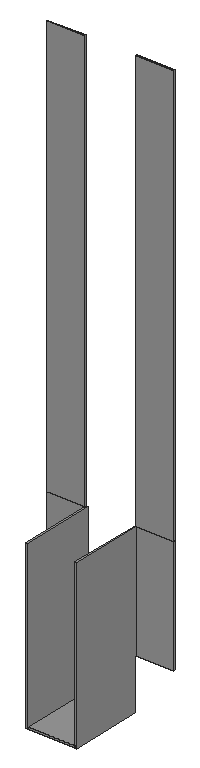
Revit family "C_AG713_3D_CAD_MULT_Prod", category Structural Connections, Revit 2015
Parameters
  H of Straps [instance] = if(1 > 0, Ctrl_H - H_Seat, 0 mm)  # 335 mm
  Warning [instance] = if(or(Joist Width < 38 mm, Joist Width > 100 mm), "W is out of the range from 38 mm to 100 mm", if(not(Bend the Straps), "Unbend Mode On", if(or(Joist Height & Offset < H_Seat, not(H of Straps > 0 mm)), "H is lower than the limit", if(Joist Height & Offset > (970 mm - Ctrl_W) / 2, "H is higher than the limit", if(Header Depth < 20 mm, "D is lower than the limit", if(Header Depth > (970 mm - Ctrl_W) / 2 - H_Seat, "D is higher than the limit", "No warnings suggested"))))))  # "Unbend Mode On"
  W/2 [instance] = Ctrl_W / 2  # 19 mm
  Joist Width [instance] = 38 mm
  UniClass Title = "Joist hangers "  # constant formula
  UniClass Number = "Pr_20_29_31_44"  # constant formula
  URL = "www.strongtie.eu"
  Technical datasheet = "https://www.strongtie.eu/eu-EU/technical-data-sheets"
  Straps-Distance [instance] = Ctrl_W + 3 mm  # 41 mm
  Reference = "AG713"  # constant formula
  Provide Feedback = "mailto:EUdrawings@strongtie.com"
  Product Type = "Joist hanger"  # constant formula
  Product Material = Galvanised
  ObjectType = Model  # "AG713"
  Name = Model  # "AG713"
  Model ID = "0180523011167727987938686006252352135583"  # constant formula
  Model Disclaimer = "Contact Simpson Strong-Tie Company  for more information"  # constant formula
  Model = "AG713"  # constant formula
  Manufacturer = "Simpson Strong-Tie"  # constant formula
  H_Seat [instance] = (300 mm - Ctrl_W) / 2  # 131 mm
  Joist Height & Offset [instance] = 250 mm
  ETA / DoP = "https://www.strongtie.eu/eu-EU/cemarking"
  EPD = "https://www.strongtie.eu/eu-EU/EPD"
  Description = Product Type  # "Joist hanger"
  Density = 0.48 kg  # constant formula
  Default Elevation = 0 mm
  Header Depth [instance] = 30 mm
  Ctrl_W [instance] = if(Joist Width < 38 mm, 38 mm, if(Joist Width > 100 mm, 100 mm, Joist Width))  # 38 mm
  Ctrl_H [instance] = if(not(Bend the Straps), H_Seat + 335 mm, if(Joist Height & Offset < H_Seat, H_Seat, if(Joist Height & Offset > (970 mm - Ctrl_W) / 2, (970 mm - Ctrl_W) / 2, Joist Height & Offset)))  # 466 mm
  Ctrl_D [instance] = if(Header Depth < 20 mm, 20 mm, if(Header Depth > ((970 mm - Ctrl_W) / 2 - H_Seat), ((970 mm - Ctrl_W) / 2 - H_Seat), Header Depth))  # 30 mm
  Copyright = "©Simpson Strong-Tie"  # constant formula
  Bend the Straps [instance] = no
Reference planes
  plane 1 "Center (Front/Back)": y = 0
  plane 2: z = 0
  plane 3 "Center (Left/Right)": x = 0
Forms (mm)
  Extrusion 1, solid, material "Galvanised" <- "Product Material"
    sketch origin (0, 0, 0) x (1, 0, 0) y (0, 0, 1)
      loop
        line (-19, 0) -> (-19, -1.5) -> (19, -1.5) -> (19, 0) -> (-19, 0)
    from 2 to 60
Dimensions and locks
  "W/2": nested 2 to plane 3 "Center (Left/Right)"
  "W/2": plane 3 "Center (Left/Right)" to nested 1
  equal spacing: nested 1, plane 3 "Center (Left/Right)", Extrusion 1 sketch curve
  "Ctrl_W": Extrusion 1 sketch curve to Extrusion 1 sketch curve
  aligned and locked: level to plane 2
  aligned and locked: Extrusion 1 sketch curve to level
Automatic sketch dimensions
  Extrusion 1 sketch curve to level = 1.5 mm
Nested families
  nested 1: "AG713-left" at (19, 0, 0), Product Material <- "Product Material", H_seat <- "H_Seat", type "AG713-left"
    with Product Material Galvanised, H_seat 131 mm
  nested 2: "AG713-right" at (-19, 0, 0), Product Material <- "Product Material", H seat <- "H_Seat", type "AG713-right"
    with Product Material Galvanised, H seat 131 mm
  nested 3: "Couple Straps not down" at (0, 0, 131), W <- "Straps-Distance", W_rafter <- "Header Depth", Heel <- "H of Straps", Material <- "Product Material", built-in parameter 1001364 <- "H_Seat", type "Couple Straps not down"
    with W_rafter 30 mm, W straps 30 mm, W 41 mm, Thickness 1.5 mm, Material Galvanised, Heel 335 mm, Bendable Length 335 mm
Definition of nested family "AG713-left"
  Parameters (values of type "AG713-left")
    UniClass Title = "Bracketed angle supports"  # constant formula
    UniClass Number = "Pr_20_85_09_09"  # constant formula
    URL = "www.strongtie.eu"
    Technical datasheet = "https://www.strongtie.eu/eu-EU/technical-data-sheets"
    Reference = "___"
    Provide Feedback = "mailto:EUdrawings@strongtie.com"
    Product Type = ""
    Product Material [instance] = none
    ObjectType = Model  # ""
    Name = Model  # ""
    Model ID = ""
    Model Disclaimer = "Contact Simpson Strong-Tie Company  for more information"  # constant formula
    Model = ""
    Manufacturer = "Simpson Strong-Tie"  # constant formula
    H_seat [instance] = 123.413 mm
    ETA / DoP = "https://www.strongtie.eu/eu-EU/cemarking"
    EPD = "https://www.strongtie.eu/eu-EU/EPD"
    Description = Product Type  # ""
    Density = 0.00 kg
    Default Elevation = 0 mm
    Copyright = "©Simpson Strong-Tie"  # constant formula
  Reference planes
    plane 1 "Center (Front/Back)": y = 0
    plane 2: z = 0
    plane 3 "Center (Left/Right)": x = 0
  Forms (mm)
    Extrusion 1, solid, material <- "Product Material"
      sketch origin (-82.749, 0, 123.413) x (1, 0, 0) y (0, 0, 1)
        loop
          line (114.249, 0) -> (84.249, 0) -> (84.249, -92) -> (114.249, -92) -> (114.249, 0)
      from 0 to 1.5
    Extrusion 2, solid, material <- "Product Material"
      sketch origin (0, 0, 0) x (0, 1, 0) y (0, 0, 1)
        loop
          line (-60, 123.413) -> (-60, -1.5) -> (-2, -1.5) -> (-2, 31.413) -> (0, 31.413) -> (0, 123.413) -> (-60, 123.413)
      from 0 to 1.5
  Cuts and joins
    joined: Extrusion 1, Extrusion 2
  Lines and regions (mm)
    reference lines
      curve 1: line (-82.749, 0, 123.413) -> (102.251, 0, 123.413)
  Dimensions and locks
    locked: curve 1 to Extrusion 1 sketch curve at 92
    locked: Extrusion 1 sketch curve to Extrusion 1 sketch curve at 30
    locked: Extrusion 1 sketch curve to plane 3 "Center (Left/Right)" at 1.5
    "H_seat": curve 1 to level
    locked: cut or joined group of Extrusion 1, Extrusion 2 to plane 1 "Center (Front/Back)" at 2
    locked: cut or joined group of Extrusion 1, Extrusion 2 to cut or joined group of Extrusion 1, Extrusion 2 at 92
    level to cut or joined group of Extrusion 1, Extrusion 2 = 1.5 mm
    cut or joined group of Extrusion 1, Extrusion 2 to plane 1 "Center (Front/Back)" = 60 mm
    aligned and locked: level to plane 2
    aligned and locked: Extrusion 1 sketch curve to curve 1
    aligned and locked: Extrusion 2 sketch curve to plane 1 "Center (Front/Back)"
    aligned and locked: cut or joined group of Extrusion 1, Extrusion 2 to curve 1
    aligned and locked: Extrusion 2 to curve 1
    aligned and locked: Extrusion 2 to Extrusion 1
  Automatic sketch dimensions
    plane 1 "Center (Front/Back)" to Extrusion 2 sketch curve = 2 mm
    plane 1 "Center (Front/Back)" to Extrusion 2 sketch curve = 60 mm
    Extrusion 2 sketch curve to level = 1.5 mm
    level to Extrusion 2 sketch curve = 31.413 mm
    Extrusion 2 sketch curve to Extrusion 2 sketch curve = 92 mm
    curve 1 to plane 3 "Center (Left/Right)" = 82.749 mm
    plane 3 "Center (Left/Right)" to curve 1 = 102.251 mm
Definition of nested family "AG713-right"
  Parameters (values of type "AG713-right")
    UniClass Title = "Bracketed angle supports"  # constant formula
    UniClass Number = "Pr_20_85_09_09"  # constant formula
    URL = "www.strongtie.eu"
    Technical datasheet = "https://www.strongtie.eu/eu-EU/technical-data-sheets"
    Reference = "___"
    Provide Feedback = "mailto:EUdrawings@strongtie.com"
    Product Type = ""
    Product Material [instance] = none
    ObjectType = Model  # ""
    Name = Model  # ""
    Model ID = ""
    Model Disclaimer = "Contact Simpson Strong-Tie Company  for more information"  # constant formula
    Model = ""
    Manufacturer = "Simpson Strong-Tie"  # constant formula
    H seat [instance] = 112 mm
    ETA / DoP = "https://www.strongtie.eu/eu-EU/cemarking"
    EPD = "https://www.strongtie.eu/eu-EU/EPD"
    Description = Product Type  # ""
    Density = 0.00 kg
    Default Elevation = 0 mm
    Copyright = "©Simpson Strong-Tie"  # constant formula
  Reference planes
    plane 1 "Center (Front/Back)": y = 0
    plane 2: z = 0
    plane 3 "Center (Left/Right)": x = 0
  Forms (mm)
    Extrusion 1, solid, material <- "Product Material"
      sketch origin (0, 0, 0) x (1, 0, 0) y (0, 0, 1)
        loop
          line (-31.5, 112) -> (-31.5, 20) -> (-1.5, 20) -> (-1.5, 112) -> (-31.5, 112)
      from 0 to 1.5
    Extrusion 2, solid, material <- "Product Material"
      sketch origin (0, 0, 0) x (0, 1, 0) y (0, 0, 1)
        loop
          line (0, 112) -> (-60, 112) -> (-60, -1.5) -> (-2, -1.5) -> (-2, 20) -> (0, 20) -> (0, 112)
      from -1.5 to 0
  Cuts and joins
    joined: Extrusion 1, Extrusion 2
  Lines and regions (mm)
    reference lines
      curve 1: line (-98.959, 0, 112) -> (51.041, 0, 112)
  Dimensions and locks
    locked: Extrusion 1 sketch curve to Extrusion 1 sketch curve at 30
    locked: curve 1 to Extrusion 1 sketch curve at 92
    locked: plane 3 "Center (Left/Right)" to Extrusion 1 sketch curve at 1.5
    "H seat": curve 1 to level
    aligned and locked: level to plane 2
    aligned and locked: curve 1 to Extrusion 1 sketch curve
    aligned and locked: curve 1 to Extrusion 2
    aligned and locked: Extrusion 1 to Extrusion 2
  Automatic sketch dimensions
    Extrusion 2 sketch curve to plane 1 "Center (Front/Back)" = 0 mm
    plane 1 "Center (Front/Back)" to Extrusion 2 sketch curve = 2 mm
    plane 1 "Center (Front/Back)" to Extrusion 2 sketch curve = 60 mm
    Extrusion 2 sketch curve to level = 1.5 mm
    level to Extrusion 2 sketch curve = 20 mm
    Extrusion 2 sketch curve to Extrusion 2 sketch curve = 92 mm
    curve 1 to plane 3 "Center (Left/Right)" = 98.959 mm
    plane 3 "Center (Left/Right)" to curve 1 = 51.041 mm
Definition of nested family "Couple Straps not down"
  Parameters (values of type "Couple Straps not down")
    W_rafter [instance] = 38.1 mm
    W straps [instance] = 38.1 mm
    W [instance] = 38.1 mm
    Thickness [instance] = 1.587 mm
    Material [instance] = none
    Heel [instance] = 152.4 mm
    Bendable Length [instance] = 190.5 mm
  Reference planes
    plane 1 "Center (Front/Back)": y = 0
    plane 2: z = 0
    plane 3 "Center (Left/Right)": x = 0
    plane 4: x = -19.05
    plane 5: x = 19.05
  Dimensions and locks
    equal spacing: plane 4, plane 3 "Center (Left/Right)", plane 5
    "W": plane 5 to plane 4
    aligned and locked: plane 2 to level
    aligned and locked: nested 1 to plane 5
    aligned and locked: plane 4 to nested 2
  Nested families
    nested 1: "Strap not down" at (19.05, 0, 0), Rafter Width <- "W_rafter", Strap Width <- "W straps", Thickness <- "Thickness", Bendable_Length <- "Bendable Length", Heel Height <- "Heel", Product Material <- "Material", type "Strap not down"
      with visible_L3 no, visible_L2 yes, Thickness 1.587 mm, Strap Width 38.1 mm, Rafter Width_in 38.1 mm, Rafter Width 38.1 mm, Product Material none, L3 6.35 mm, L2 38.1 mm, L1 152.4 mm, Heel Height 152.4 mm, Bendable_Length 190.5 mm
    nested 2: "Strap not down" at (-57.15, 0, 0), Rafter Width <- "W_rafter", Strap Width <- "W straps", Thickness <- "Thickness", Bendable_Length <- "Bendable Length", Heel Height <- "Heel", Product Material <- "Material", type "Strap not down"
      with visible_L3 no, visible_L2 yes, Thickness 1.587 mm, Strap Width 38.1 mm, Rafter Width_in 38.1 mm, Rafter Width 38.1 mm, Product Material none, L3 6.35 mm, L2 38.1 mm, L1 152.4 mm, Heel Height 152.4 mm, Bendable_Length 190.5 mm
  Definition of nested family "Strap not down"
    Parameters (values of type "Strap not down")
      visible_L3 [instance] = L1 + L2 < Bendable_Length  # no
      visible_L2 [instance] = L1 < Bendable_Length  # yes
      Strap Width [instance] = 38.1 mm
      Thickness [instance] = 1.587 mm
      Rafter Width [instance] = 101.6 mm
      Product Material [instance] = none
      Bendable_Length [instance] = 190.5 mm
      Heel Height [instance] = 127 mm
      L1 [instance] = if(Heel Height < 0 mm, 0 mm, if(Heel Height > Bendable_Length, Bendable_Length, Heel Height))  # 127 mm
      L3 [instance] = if(L1 + L2 < Bendable_Length, Bendable_Length - L1 - L2, 6.35 mm)  # 6.35 mm
      L2 [instance] = if(L1 + Rafter Width_in < Bendable_Length, Rafter Width_in, if(L1 < Bendable_Length, Bendable_Length - L1, 0 mm))  # 63.5 mm
      Rafter Width_in [instance] = if(Rafter Width < 0 mm, 0 mm, if(Rafter Width > 304.8 mm, 304.8 mm, Rafter Width))  # 101.6 mm
    Reference planes
      plane 1 "Center (Front/Back)": y = 0
      plane 2: z = 0
      plane 3 "Center (Left/Right)": x = 0
      plane 4: x = 38.1
      plane 5 "2": y = 65.087
      plane 6: y = 63.5
      plane 7: z = 127
      plane 8: z = 128.587
    Forms (mm)
      Extrusion 1, solid, material <- "Product Material"
        sketch origin (0, 0, 0) x (1, 0, 0) y (0, 0, 1)
          loop
            line (0, 0) -> (38.1, 0) -> (38.1, 128.588) -> (0, 128.588) -> (0, 0)
        from 0 to 1.587 <- "Thickness"
      SweptBlend 2, solid, material <- "Product Material", visible <- "visible_L2"
        path origin (0, 0, 0) x (1, 0, 0) y (0, 1, 0)
          loop
            line (0, 0) -> (0, 65.087)
        profile origin (0, 0, 0) x (-1, 0, 0) y (0, 0, 1)
          loop
            line (0, 128.588) -> (-38.1, 128.588) -> (-38.1, 127) -> (0, 127) -> (0, 128.588)
        end profile origin (0, 65.087, 0) x (-1, 0, 0) y (0, 0, 1)
          loop
            line (0, 128.588) -> (-38.1, 128.588) -> (-38.1, 127) -> (0, 127) -> (0, 128.588)
      Extrusion 3, solid, material <- "Product Material", visible <- "visible_L3"
        sketch origin (-28.529, 65.087, 1219.2) x (-1, 0, 0) y (0, 0, 1)
          loop
            line (-28.529, -1092.2) -> (-66.629, -1092.2) -> (-66.629, -1098.55) -> (-28.529, -1098.55) -> (-28.529, -1092.2)
        from 0 to -1.588
    Dimensions and locks
      "Strap Width": plane 4 to plane 3 "Center (Left/Right)"
      "L2": plane 1 "Center (Front/Back)" to plane 6
      "Thickness": plane 5 "2" to plane 6
      "Thickness": plane 8 to plane 7
      "L3": Extrusion 3 sketch curve to plane 7
      "L1": plane 7 to plane 2
      locked: Extrusion 3 sketch curve to Extrusion 3 sketch curve (angle 90.00°)
      aligned and locked: plane 2 to level
      aligned and locked: Extrusion 1 sketch curve to plane 3 "Center (Left/Right)"
      aligned and locked: plane 4 to Extrusion 1 sketch curve
      aligned and locked: plane 3 "Center (Left/Right)" to SweptBlend 2 sketch curve
      aligned and locked: plane 5 "2" to SweptBlend 2 sketch curve
      aligned and locked: plane 1 "Center (Front/Back)" to SweptBlend 2 sketch curve
      aligned and locked: plane 8 to SweptBlend 2 sketch curve  (x2)
      aligned and locked: SweptBlend 2 sketch curve to plane 3 "Center (Left/Right)"  (x2)
      aligned and locked: SweptBlend 2 sketch curve to plane 7  (x2)
      aligned and locked: plane 4 to SweptBlend 2 sketch curve  (x2)
      aligned and locked: plane 3 "Center (Left/Right)" to Extrusion 3 sketch curve
      aligned and locked: Extrusion 3 sketch curve to plane 4
      aligned and locked: Extrusion 3 sketch curve to plane 7
      aligned and locked: plane 8 to Extrusion 1 sketch curve
    Automatic sketch dimensions
      Extrusion 1 sketch curve to level = 0 mm
